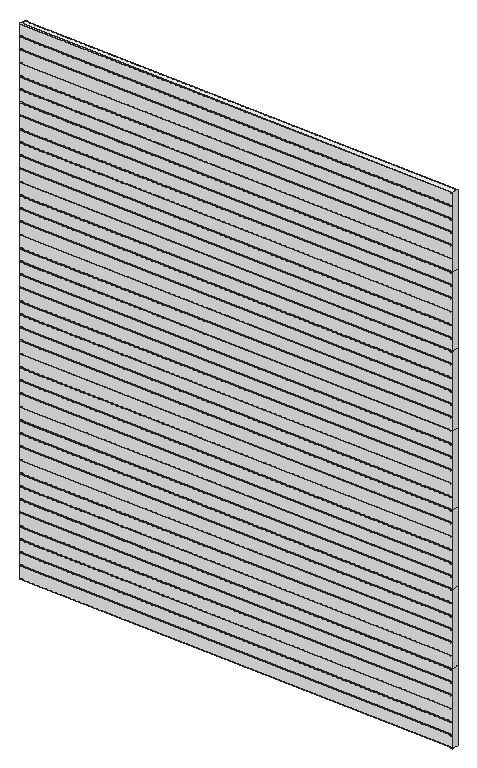
Revit family "3715-1Basic", category Doors, host Wall, Revit 2023
Family settings
  Host = Wall
  OmniClass Number = 23.30.10.17.37.14
  OmniClass Title = Sectional Overhead Doors
  Always vertical = Yes
  Cut with Voids When Loaded = No
  Shared = No
  Room Calculation Point = No
Parameters (values of type "By Type")
  Windload = "Doors available rated for various design pressures; consult Clopay for avaialbility and specifications"
  VisSection6 = NumSections = 6  # no
  VisSection5 = NumSections > 4  # yes
  VisSection4 = NumSections > 3  # yes
  VisSection3 = NumSections > 2  # yes
  VisArray = NumSections > 6  # yes
  URL = "www.clopaydoor.com"
  Track = "Galvanized steel (gauge varies according to door size)"
  Thickness = 0' - 2"  # constant formula
  Spec Wizard = "http://www.arcat.com/specwizard/08360clo/index.htm"
  Section Height = Height / NumSections  # 2' - 0"
  Sales Information = "http://www.clopaydoor.com/where-to-buy.aspx?type=dealer"
  Rough Width = 0' - 0"  # constant formula
  Rough Height = 0' - 0"  # constant formula
  R-Value = "12.9"
  Product Features and Benefits = "http://www.clopaydoor.com/insulated-polyurethane-applications.aspx"
  Overlapping Jamb = yes
  Overlap = if(Overlapping Jamb, 0' 1", 0' 0")  # 0' - 1"
  Opening Width = 12' - 0"
  Opening Height = 14' - 0"
  Omniclass Table = "23-30 10 17 37 "
  NumSectionsNotRounded = Height / 2' 0"  # 7
  NumSections = NumSectionsNotRounded + 0.4999  # 7
  NumArraySections = if(NumSections > 6, NumSections - 5, 2)  # 2
  Model = "3715"
  Maximum Size = "Maximum 32' 2'' wide by 26' 0'' high. Additional limitations may apply do to door weight. Consult Clopay for specificiations and shop drawings."  # constant formula
  Manufacturer Website = "http://www.clopaydoor.com"
  Manufacturer Phone Number = "1-800-526-4301"
  Manufacturer Address = "1400 W. Market St., Troy, OH 45373"
  Manufacturer = "Clopay Building Products Company"
  LEED = "http://products.construction.com/swts_content_files/151607/303186.pdf"
  Keynote = "08 36 13"
  Interior Steel = "28 ga. galvanized, primed, and finish painted"
  Hardware = "14 ga. min. steel hinges; 10-ball steel rollers"
  GreenFormat = "http://www.greenformat.com/products/1536-Polyurethane%20Insulated%20Doors.rtf"
  Function = Interior
  Height = Opening Height + Rough Width * 0  # 14' - 0"
  Wall Closure = By host
  Width = Opening Width + Rough Width * 0  # 12' - 0"
  FloorToSection7 = 6 * Section Height  # 12' - 0"
  FloorToSection6 = 5 * Section Height  # 10' - 0"
  FloorToSection5 = 4 * Section Height  # 8' - 0"
  FloorToSection4 = 3 * Section Height  # 6' - 0"
  FloorToSection3 = 2 * Section Height  # 4' - 0"
  FloorToSection2 = Section Height  # 2' - 0"
  File Revision = "02 (August, 2012)"
  Exterior Steel = "27 ga. galvanized, primed, and finish painted"
  Double End Stiles = Door Width > 14' 2"  # no
  Door Width = Opening Width + Overlap * 2  # 12' - 2"
  Door Height = Opening Height + Rough Width * 0  # 14' - 0"
  Description = "1-3/8'' thick polyurethane insulated, stucco embossed 27 gauge steel exterior with light ribbed pattern."
  Core Material = "Expanded polyurethane"
  Copyright = "2010, Clopay Building Products Company, Inc."
  Color = White
  CAD and Specifications = "http://www.clopaydoor.com/insulated-polyurethane-specs.aspx"
  Assembly Code = "B2030410"
Reference planes (in)
  plane 1 "Center (Front/Back)": y = 0
  plane 2 "Center (Left/Right)": x = 0
  plane 3 "Left": x = -72
  plane 4 "Right": x = 72
  plane 5 "Top": z = 168
  plane 6 "Exterior": y = 3
  plane 7 "Interior": y = -3
  plane 8: z = 120
  plane 9: z = 144
Lines and regions (in)
  Opening 1
    outline origin (-90, -3, 0) x (1, 0, 0) y (0, 0, 1)
      loop
        line (18, 0) -> (162, 0) -> (162, 168) -> (18, 168) -> (18, 0)
Text (in)
  text "Exterior" at (-74.96733, 27.31104, 0), in view "Ref. Level"
  text "Interior" at (-74.96733, -25.14366, 0), in view "Ref. Level"
  text "Exterior" at (0, 40.15149, 123.01588), in view "Right"
  text "Interior" at (0, -64.39139, 123.01588), in view "Right"
  text "Interior" at (0, -31.01599, 123.00693), in view "Left"
  text "Exterior" at (0, 54.57065, 123.00693), in view "Left"
Dimensions and locks (in)
  equal spacing: plane 3 "Left", plane 2 "Center (Left/Right)", plane 4 "Right"
  "Height": level to plane 5 "Top"
  "Width": plane 3 "Left" to plane 4 "Right"
  host wall to plane 5 "Top" = 14' - 0"
  nested 1 to plane 7 "Interior" = 0' - 0 1/2"
  "FloorToSection6": plane 8 to level
  "FloorToSection7": plane 9 to level
  group 1 to group 2 = 0' - 0"  (x2)
  group 1 to group 2 = 2' - 0"
  host wall to host wall = 67' - 6"
  aligned and locked: plane 3 "Left" to Opening 1 sketch curve
  aligned and locked: plane 5 "Top" to Opening 1 sketch curve  (x2)
  aligned and locked: Opening 1 sketch curve to plane 4 "Right"
  aligned and locked: Opening 1 sketch curve to level
  aligned and locked: plane 6 "Exterior" to host wall
  aligned and locked: host wall to plane 7 "Interior"
  aligned and locked: plane 2 "Center (Left/Right)" to nested 2
  aligned and locked: plane 2 "Center (Left/Right)" to nested 3
  aligned and locked: plane 2 "Center (Left/Right)" to nested 4
  aligned and locked: plane 2 "Center (Left/Right)" to nested 5
  aligned and locked: plane 2 "Center (Left/Right)" to nested 7
  aligned and locked: nested 7 to plane 8
  aligned and locked: nested 8 to plane 9
  aligned and locked: plane 7 "Interior" to nested 2
  aligned and locked: plane 7 "Interior" to nested 7
  aligned and locked: host wall to nested 8
  aligned and locked: plane 7 "Interior" to nested 3
  aligned and locked: host wall to nested 3
  aligned and locked: plane 7 "Interior" to nested 1
  aligned and locked: nested 2 to host wall
  aligned and locked: plane 7 "Interior" to nested 6
  aligned and locked: plane 7 "Interior" to nested 5
  aligned and locked: host wall to nested 7
  aligned and locked: plane 7 "Interior" to nested 4
Nested families (in)
  nested 1: "Section" at (0, 0, 0), type "Solid"
  nested 2: "Section" at (0, 0, 24), built-in parameter 1001364 <- "Section Height", type "Solid"
  nested 3: "Section" at (0, 0, 48), built-in parameter 1001364 <- "FloorToSection3", visible <- "VisSection3", type "Solid"
  nested 4: "Section" at (0, 0, 120), built-in parameter 1001364 <- "FloorToSection6", visible <- "VisSection6", type "Solid"
  nested 5: "Section" at (0, 0, 96), built-in parameter 1001364 <- "FloorToSection5", visible <- "VisSection5", type "Solid"
  nested 6: "Section" at (0, 0, 72), built-in parameter 1001364 <- "FloorToSection4", visible <- "VisSection4", type "Solid"
  nested 7: "Section" at (0, 0, 120), visible <- "VisArray", type "Solid"
  nested 8: "Section" at (0, 0, 144), visible <- "VisArray", type "Solid"
Definition of nested family "Section"
  Parameters
    X9 = if(if(NumArrayedWindows < NumWindows, NumArrayedWindows + 1, NumWindows) < 9, X1, X8 + 3' 8")  # 1' - 5 1/2"
    X8 = if(if(NumArrayedWindows < NumWindows, NumArrayedWindows + 1, NumWindows) < 8, X1, X7 + 3' 8")  # 1' - 5 1/2"
    X7 = if(if(NumArrayedWindows < NumWindows, NumArrayedWindows + 1, NumWindows) < 7, X1, X6 + 3' 8")  # 1' - 5 1/2"
    X6 = if(if(NumArrayedWindows < NumWindows, NumArrayedWindows + 1, NumWindows) < 6, X1, X5 + 3' 8")  # 1' - 5 1/2"
    X5 = if(if(NumArrayedWindows < NumWindows, NumArrayedWindows + 1, NumWindows) < 5, X1, X4 + 3' 8")  # 1' - 5 1/2"
    X4 = if(if(NumArrayedWindows < NumWindows, NumArrayedWindows + 1, NumWindows) < 4, X1, X3 + 3' 8")  # 1' - 5 1/2"
    X3 = if(NumWindows < 3, X1, X2 + 3' 8")  # 8' - 9 1/2"
    X2 = if(NumWindows < 2, ((Door Width - (NumWindows - 1) * 3' 8") / 2 - Cutout Width / 2), ((Door Width - (NumWindows - 1) * 3' 8") / 2 - Cutout Width / 2) + 3' 8")  # 5' - 1 1/2"
    WindowVis = no
    WindowCutDepth = -0' - 0 13/128"
    Section Height = 2' - 0"
    RibSpacing = Section Height / (NumRibs + 1)  # 0' - 4"
    NumWindows = if(Door Width < 9' 4", 2, if(Door Width < 13' 4", 3, if(Door Width < 16' 4", 4, if(Door Width < 20' 4", 5, if(Door Width < 24' 4", 6, if(Door Width < 26' 4", 7, if(Door Width < 31' 8", 8, 10)))))))  # 3
    NumRibs = if(Section Height < 1' 9", 3, if(Section Height < 2' 0", 4, 5))  # 5
    NumArrayedWindows = if(X2 = X1, NumWindows - 2, NumWindows)  # 3
    Half Section Height = Section Height / 2  # 1' - 0"
    Half Door Width Neg = -Half Door Width  # -6' - 1"
    Half Door Width = Door Width / 2  # 6' - 1"
    Half Cutout Height = Cutout Height / 2  # 0' - 3 1/2"
    Function = (empty or 0)
    Height = 0' - 0"
    Wall Closure = (empty or 0)
    Width = 0' - 0"
    X1 = if(or(Door Width > 31' 6", and(Door Width > 26' 2", Door Width < 28' 1"), Door Width = 24' 3", Door Width = 24' 4", and(Door Width > 20' 2", Door Width < 20' 11"), and(Door Width > 16' 2", Door Width < 17' 3")), X2, (Door Width - (NumWindows - 1) * 3' 8") / 2 - Cutout Width / 2)  # 1' - 5 1/2"
    Door Width = 12' - 2"
    CutoutToCutout = 1' - 0"
    Cutout Width = 1' - 11"
    Cutout Height = 0' - 7"
    Color = none
    BtmTo1stRib = RibSpacing  # 0' - 4"
    Assembly Code = ""
  Reference planes (in)
    plane 1 "Center (Front/Back)": y = 0
    plane 2 "Center (Left/Right)": x = 0
    plane 3 "Exterior": y = 3
    plane 4 "Interior": y = -3
    plane 5: y = -3.5
    plane 6: x = 73
    plane 7: x = -73
    plane 8: z = 4
    plane 9: z = 8
    plane 10: z = 24
    plane 11: z = 12
    plane 12: z = 0
  Forms (in)
    Extrusion 1, solid, material <- "Color"
      sketch origin (-73, -12, 83.08252) x (0, 0, 1) y (0, -1, 0)
        loop
          line (-59.08252, -8.37573) -> (-59.08252, -6.62444)
          arc (-59.08252, -6.62444) -> (-59.11897, -6.53645) -> (-59.20696, -6.5) r 0.12444
          line (-59.20696, -6.5) -> (-82.95809, -6.5)
          arc (-82.95809, -6.5) -> (-83.04608, -6.53645) -> (-83.08252, -6.62444) r 0.12444
          line (-83.08252, -6.62444) -> (-83.08252, -8.37573)
          arc (-83.08252, -8.37573) -> (-83.04612, -8.4636) -> (-82.95825, -8.5) r 0.12427
          line (-82.95825, -8.5) -> (-59.20679, -8.5)
          arc (-59.20679, -8.5) -> (-59.11892, -8.4636) -> (-59.08252, -8.37573) r 0.12427
      from 0 to 146 <- "Door Width"
    Extrusion 2, void
      sketch origin (0, 0, -0.5) x (0, -1, 0) y (0, 0, 1)
        loop
          line (3.5, 4.62727) -> (3.5, 4.37273) -> (3.53032, 4.41942)
          arc (3.53032, 4.41942) -> (3.53753, 4.43506) -> (3.54, 4.4521) r 0.06
          line (3.54, 4.4521) -> (3.54, 4.5479)
          arc (3.54, 4.5479) -> (3.53753, 4.56494) -> (3.53032, 4.58058) r 0.06
          line (3.53032, 4.58058) -> (3.5, 4.62727)
      from -73 <- "Half Door Width Neg" to 146 <- "Door Width"
    Extrusion 3, void
      sketch origin (0, 0, 3.5) x (0, -1, 0) y (0, 0, 1)
        loop
          line (3.5, 4.62727) -> (3.5, 4.37273) -> (3.53032, 4.41942)
          arc (3.53032, 4.41942) -> (3.53753, 4.43506) -> (3.54, 4.4521) r 0.06
          line (3.54, 4.4521) -> (3.54, 4.5479)
          arc (3.54, 4.5479) -> (3.53753, 4.56494) -> (3.53032, 4.58058) r 0.06
          line (3.53032, 4.58058) -> (3.5, 4.62727)
      from -73 <- "Half Door Width Neg" to 146 <- "Door Width"
    Extrusion 4, void
      sketch origin (0, 0, 7.5) x (0, -1, 0) y (0, 0, 1)
        loop
          line (3.5, 4.62727) -> (3.5, 4.37273) -> (3.53032, 4.41942)
          arc (3.53032, 4.41942) -> (3.53753, 4.43506) -> (3.54, 4.4521) r 0.06
          line (3.54, 4.4521) -> (3.54, 4.5479)
          arc (3.54, 4.5479) -> (3.53753, 4.56494) -> (3.53032, 4.58058) r 0.06
          line (3.53032, 4.58058) -> (3.5, 4.62727)
      from -73 <- "Half Door Width Neg" to 146 <- "Door Width"
    Extrusion 5, void
      sketch origin (0, -8.99984, -0.5) x (0, 1, 0) y (0, 0, -1)
        loop
          line (3.5, -4.62727) -> (3.53032, -4.58058)
          arc (3.53032, -4.58058) -> (3.53753, -4.56494) -> (3.54, -4.5479) r 0.06
          line (3.54, -4.5479) -> (3.54, -4.4521)
          arc (3.54, -4.4521) -> (3.53753, -4.43506) -> (3.53032, -4.41942) r 0.06
          line (3.53032, -4.41942) -> (3.5, -4.37273) -> (3.5, -4.62727)
      from -73 <- "Half Door Width Neg" to 146 <- "Door Width"
    Extrusion 6, void
      sketch origin (0, -8.99984, 3.5) x (0, 1, 0) y (0, 0, -1)
        loop
          line (3.5, -4.62727) -> (3.53032, -4.58058)
          arc (3.53032, -4.58058) -> (3.53753, -4.56494) -> (3.54, -4.5479) r 0.06
          line (3.54, -4.5479) -> (3.54, -4.4521)
          arc (3.54, -4.4521) -> (3.53753, -4.43506) -> (3.53032, -4.41942) r 0.06
          line (3.53032, -4.41942) -> (3.5, -4.37273) -> (3.5, -4.62727)
      from -73 <- "Half Door Width Neg" to 146 <- "Door Width"
    Extrusion 7, void
      sketch origin (0, -8.99984, 7.5) x (0, 1, 0) y (0, 0, -1)
        loop
          line (3.5, -4.62727) -> (3.53032, -4.58058)
          arc (3.53032, -4.58058) -> (3.53753, -4.56494) -> (3.54, -4.5479) r 0.06
          line (3.54, -4.5479) -> (3.54, -4.4521)
          arc (3.54, -4.4521) -> (3.53753, -4.43506) -> (3.53032, -4.41942) r 0.06
          line (3.53032, -4.41942) -> (3.5, -4.37273) -> (3.5, -4.62727)
      from -73 <- "Half Door Width Neg" to 146 <- "Door Width"
    Extrusion 8, void
      sketch origin (0, 0, 11.5) x (0, -1, 0) y (0, 0, 1)
        loop
          line (3.5, 4.62727) -> (3.5, 4.37273) -> (3.53032, 4.41942)
          arc (3.53032, 4.41942) -> (3.53753, 4.43506) -> (3.54, 4.4521) r 0.06
          line (3.54, 4.4521) -> (3.54, 4.5479)
          arc (3.54, 4.5479) -> (3.53753, 4.56494) -> (3.53032, 4.58058) r 0.06
          line (3.53032, 4.58058) -> (3.5, 4.62727)
      from -73 <- "Half Door Width Neg" to 146 <- "Door Width"
    Extrusion 9, void
      sketch origin (0, -8.99984, 11.5) x (0, 1, 0) y (0, 0, -1)
        loop
          line (3.5, -4.62727) -> (3.53032, -4.58058)
          arc (3.53032, -4.58058) -> (3.53753, -4.56494) -> (3.54, -4.5479) r 0.06
          line (3.54, -4.5479) -> (3.54, -4.4521)
          arc (3.54, -4.4521) -> (3.53753, -4.43506) -> (3.53032, -4.41942) r 0.06
          line (3.53032, -4.41942) -> (3.5, -4.37273) -> (3.5, -4.62727)
      from -73 <- "Half Door Width Neg" to 146 <- "Door Width"
    Extrusion 10, void
      sketch origin (0, 0, 15.5) x (0, -1, 0) y (0, 0, 1)
        loop
          line (3.5, 4.62727) -> (3.5, 4.37273) -> (3.53032, 4.41942)
          arc (3.53032, 4.41942) -> (3.53753, 4.43506) -> (3.54, 4.4521) r 0.06
          line (3.54, 4.4521) -> (3.54, 4.5479)
          arc (3.54, 4.5479) -> (3.53753, 4.56494) -> (3.53032, 4.58058) r 0.06
          line (3.53032, 4.58058) -> (3.5, 4.62727)
      from -73 <- "Half Door Width Neg" to 146 <- "Door Width"
    Extrusion 11, void
      sketch origin (0, -8.99984, 15.5) x (0, 1, 0) y (0, 0, -1)
        loop
          line (3.5, -4.62727) -> (3.53032, -4.58058)
          arc (3.53032, -4.58058) -> (3.53753, -4.56494) -> (3.54, -4.5479) r 0.06
          line (3.54, -4.5479) -> (3.54, -4.4521)
          arc (3.54, -4.4521) -> (3.53753, -4.43506) -> (3.53032, -4.41942) r 0.06
          line (3.53032, -4.41942) -> (3.5, -4.37273) -> (3.5, -4.62727)
      from -73 <- "Half Door Width Neg" to 146 <- "Door Width"
  Cuts and joins
    Extrusion 2, Extrusion 3, Extrusion 4, Extrusion 5, Extrusion 6, Extrusion 7, Extrusion 8, Extrusion 9, Extrusion 10, Extrusion 11 cuts Extrusion 1
  Lines and regions (in)
    reference lines
      curve 1: line (-72, -3.54, 4) -> (-72, -3.5, 4)
      curve 2: line (-72, -5.45984, 4) -> (-72, -5.49984, 4)
      curve 3: line (-72, -3.54, 8) -> (-72, -3.5, 8)
      curve 4: line (-72, -3.54, 12) -> (-72, -3.5, 12)
      curve 5: line (-72, -5.45984, 4) -> (-72, -5.49984, 4)
      curve 6: line (-72, -5.45984, 8) -> (-72, -5.49984, 8)
      curve 7: line (-72, -5.45984, 12) -> (-72, -5.49984, 12)
      curve 8: line (-72, -3.54, 16) -> (-72, -3.5, 16)
      curve 9: line (-72, -5.45984, 16) -> (-72, -5.49984, 16)
      curve 10: line (-72, -3.54, 20) -> (-72, -3.5, 20)
      curve 11: line (-72, -5.45984, 20) -> (-72, -5.49984, 20)
  Text (in)
    text "Exterior" at (-74.96733, 27.31104, 0), in view "Ref. Level"
    text "Interior" at (-74.96733, -25.14366, 0), in view "Ref. Level"
    text "Exterior" at (0, 40.15149, 123.01588), in view "Right"
    text "Interior" at (0, -64.39139, 123.01588), in view "Right"
    text "Interior" at (0, -31.01599, 123.00693), in view "Left"
    text "Exterior" at (0, 54.57065, 123.00693), in view "Left"
  Dimensions and locks (in)
    plane 4 "Interior" to plane 5 = 0' - 0 1/2"
    "Half Door Width": plane 2 "Center (Left/Right)" to plane 7
    "Half Door Width": plane 6 to plane 2 "Center (Left/Right)"
    Extrusion 1 sketch curve to Extrusion 1 sketch curve = 0' - 2"
    Extrusion 2 sketch curve to Extrusion 2 sketch curve = 0' - 0.25454"
    Extrusion 2 sketch curve to Extrusion 2 sketch curve = 0' - 0.04"  (x2)
    "BtmTo1stRib": plane 8 to level
    curve 1 to Extrusion 2 sketch curve = 0' - 0.12727"
    "RibSpacing": plane 9 to plane 8
    "Section Height": plane 10 to level
    Extrusion 3 sketch curve to Extrusion 3 sketch curve = 0' - 0.25454"
    Extrusion 3 sketch curve to Extrusion 3 sketch curve = 0' - 0.04"  (x2)
    curve 3 to Extrusion 3 sketch curve = 0' - 0.12727"
    equal spacing: group 1, group 2, group 3, group 4, group 5  (x3)
    Extrusion 4 sketch curve to Extrusion 4 sketch curve = 0' - 0.25454"
    Extrusion 4 sketch curve to Extrusion 4 sketch curve = 0' - 0.04"  (x2)
    curve 4 to Extrusion 4 sketch curve = 0' - 0.12727"
    Extrusion 5 sketch curve to Extrusion 5 sketch curve = 0' - 0.25454"
    Extrusion 5 sketch curve to Extrusion 5 sketch curve = 0' - 0.04"  (x2)
    Extrusion 5 sketch curve to curve 5 = 0' - 0.12727"
    Extrusion 6 sketch curve to Extrusion 6 sketch curve = 0' - 0.25454"
    Extrusion 6 sketch curve to Extrusion 6 sketch curve = 0' - 0.04"  (x2)
    Extrusion 6 sketch curve to curve 6 = 0' - 0.12727"
    Extrusion 7 sketch curve to Extrusion 7 sketch curve = 0' - 0.25454"
    Extrusion 7 sketch curve to Extrusion 7 sketch curve = 0' - 0.04"  (x2)
    Extrusion 7 sketch curve to curve 7 = 0' - 0.12727"
    "Half Section Height": level to plane 11
    Extrusion 8 sketch curve to Extrusion 8 sketch curve = 0' - 0.25454"
    Extrusion 8 sketch curve to Extrusion 8 sketch curve = 0' - 0.04"  (x2)
    curve 8 to Extrusion 8 sketch curve = 0' - 0.12727"
    Extrusion 9 sketch curve to Extrusion 9 sketch curve = 0' - 0.25454"
    Extrusion 9 sketch curve to Extrusion 9 sketch curve = 0' - 0.04"  (x2)
    Extrusion 9 sketch curve to curve 9 = 0' - 0.12727"
    Extrusion 10 sketch curve to Extrusion 10 sketch curve = 0' - 0.25454"
    Extrusion 10 sketch curve to Extrusion 10 sketch curve = 0' - 0.04"  (x2)
    curve 10 to Extrusion 10 sketch curve = 0' - 0.12727"
    Extrusion 11 sketch curve to Extrusion 11 sketch curve = 0' - 0.25454"
    Extrusion 11 sketch curve to Extrusion 11 sketch curve = 0' - 0.04"  (x2)
    Extrusion 11 sketch curve to curve 11 = 0' - 0.12727"
    locked: plane 4 "Interior" to cut or joined group 1 (Extrusion 1, Extrusion 2, Extrusion 3, Extrusion 4, Extrusion 5, Extrusion 6, Extrusion 7, Extrusion 8, Extrusion 9, Extrusion 10, Extrusion 11) at 0.5
    radius of Extrusion 1 sketch curve = 0' - 0.12427"  (x2)
    radius of Extrusion 1 sketch curve = 0' - 0.12444"  (x2)
    angle Extrusion 2 sketch curve to Extrusion 2 sketch curve = 147.00°  (x2)
    angle Extrusion 3 sketch curve to Extrusion 3 sketch curve = 147.00°  (x2)
    angle Extrusion 4 sketch curve to Extrusion 4 sketch curve = 147.00°  (x2)
    angle Extrusion 5 sketch curve to Extrusion 5 sketch curve = 147.00°  (x2)
    angle Extrusion 6 sketch curve to Extrusion 6 sketch curve = 147.00°  (x2)
    angle Extrusion 7 sketch curve to Extrusion 7 sketch curve = 147.00°  (x2)
    angle Extrusion 8 sketch curve to Extrusion 8 sketch curve = 147.00°  (x2)
    angle Extrusion 9 sketch curve to Extrusion 9 sketch curve = 147.00°  (x2)
    angle Extrusion 10 sketch curve to Extrusion 10 sketch curve = 147.00°  (x2)
    angle Extrusion 11 sketch curve to Extrusion 11 sketch curve = 147.00°  (x2)
    aligned and locked: Extrusion 1 sketch curve to plane 5
    aligned and locked: plane 8 to curve 1
    aligned and locked: plane 9 to curve 3
    aligned: cut or joined group 1 to cut or joined group 1  (x9)
    aligned and locked: plane 12 to level
  Automatic sketch dimensions
    curve 2 to curve 1 = 0' - 1.91984"
    curve 1 to curve 1 = 0' - 0.04"  (x2)
    curve 1 to curve 2 = 0' - 1.91984"
    curve 2 to curve 2 = 0' - 0.04"  (x2)
    Extrusion 2 sketch curve to Extrusion 2 sketch curve = 0' - 0"
    Extrusion 2 sketch curve to Extrusion 2 sketch curve = 0' - 0.02"
    Extrusion 2 sketch curve to Extrusion 2 sketch curve = 0' - 0.00968"  (x2)
    curve 5 to curve 1 = 0' - 0"
    curve 1 to curve 5 = 0' - 1.91984"
    curve 5 to curve 5 = 0' - 0.04"
    Extrusion 5 sketch curve to Extrusion 5 sketch curve = 0' - 0"
    Extrusion 5 sketch curve to Extrusion 5 sketch curve = 0' - 0.02"
    Extrusion 5 sketch curve to Extrusion 5 sketch curve = 0' - 0.00968"  (x2)
    Extrusion 3 sketch curve to Extrusion 3 sketch curve = 0' - 0"
    Extrusion 3 sketch curve to Extrusion 3 sketch curve = 0' - 0.02"
    Extrusion 3 sketch curve to Extrusion 3 sketch curve = 0' - 0.00968"  (x2)
    curve 6 to curve 3 = 0' - 0"
    curve 3 to curve 3 = 0' - 0.04"
    curve 3 to curve 6 = 0' - 1.91984"
    curve 6 to curve 6 = 0' - 0.04"
    Extrusion 4 sketch curve to Extrusion 4 sketch curve = 0' - 0"
    Extrusion 4 sketch curve to Extrusion 4 sketch curve = 0' - 0.02"
    Extrusion 4 sketch curve to Extrusion 4 sketch curve = 0' - 0.00968"  (x2)
    curve 7 to curve 4 = 0' - 0"
    curve 4 to curve 4 = 0' - 0.04"
    curve 4 to curve 7 = 0' - 1.91984"
    curve 7 to curve 7 = 0' - 0.04"
    Extrusion 7 sketch curve to Extrusion 7 sketch curve = 0' - 0.00968"
    Extrusion 6 sketch curve to Extrusion 6 sketch curve = 0' - 0.00968"
    curve 2 to plane 8 = 0' - 0"
    curve 2 to plane 5 = 0' - 1.95984"
    Extrusion 1 sketch curve to plane 10 = 0' - 0"
    Extrusion 1 sketch curve to level = 0' - 0"
    Extrusion 8 sketch curve to Extrusion 8 sketch curve = 0' - 0"
    Extrusion 8 sketch curve to Extrusion 8 sketch curve = 0' - 0.02"
    Extrusion 8 sketch curve to Extrusion 8 sketch curve = 0' - 0.00968"  (x2)
    curve 9 to curve 8 = 0' - 0"
    curve 8 to curve 8 = 0' - 0.04"
    curve 8 to curve 9 = 0' - 1.91984"
    curve 9 to curve 9 = 0' - 0.04"
    Extrusion 9 sketch curve to Extrusion 9 sketch curve = 0' - 0"
    Extrusion 9 sketch curve to Extrusion 9 sketch curve = 0' - 0.02"
    Extrusion 9 sketch curve to Extrusion 9 sketch curve = 0' - 0.00968"  (x2)
    Extrusion 10 sketch curve to Extrusion 10 sketch curve = 0' - 0"
    Extrusion 10 sketch curve to Extrusion 10 sketch curve = 0' - 0.02"
    Extrusion 10 sketch curve to Extrusion 10 sketch curve = 0' - 0.00968"  (x2)
    curve 11 to curve 10 = 0' - 0"
    curve 10 to curve 10 = 0' - 0.04"
    curve 10 to curve 11 = 0' - 1.91984"
    curve 11 to curve 11 = 0' - 0.04"
    Extrusion 11 sketch curve to Extrusion 11 sketch curve = 0' - 0"
    Extrusion 11 sketch curve to Extrusion 11 sketch curve = 0' - 0.02"
    Extrusion 11 sketch curve to Extrusion 11 sketch curve = 0' - 0.00968"  (x2)
